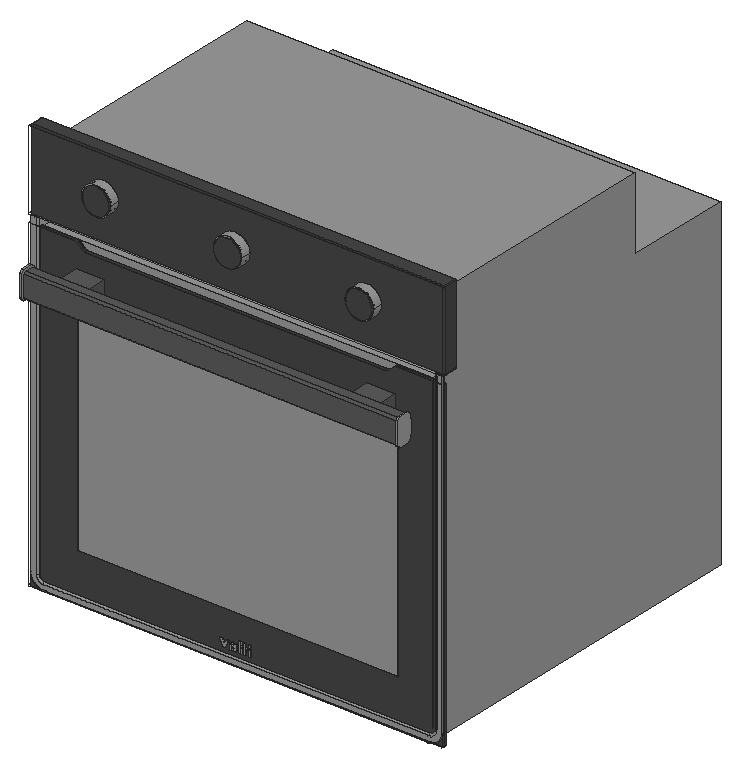
Revit family "56_E750104", category Equipos especializados, Revit 2021
Family settings
  Cota de conector redondo = Diámetro de uso
  Tipo de pieza = Normal
  Se basa en plano de trabajo = No
  Siempre vertical = Sí
  Corte con vacíos al cargar = No
  Compartido = No
  Punto de cálculo de habitación = No
Parameters (values of type "E750105")
  Volumen interior = "75 Litros"
  Voltage / Frecuencia = "220 V"
  Vidrio interior desmontable = "Sí"
  URL = "www.vatti.cl"
  Tirador de puerta = "Acero Inox"
  Timer = "con Autoapagado"
  Termostato con luz indicadora = "Sí"
  Temporizador = "Sí"
  Temperatura Máxima = "250° C"
  Tamaño del producto = "598 x 598 x 555"
  Tamaño del corte en superficie = "598 x 598"
  Sello puerta = "Perimetral 100%"
  Rieles para bandejas = "En cuerpo interior"
  Puerta Vidiro = Panel Vidrio
  Puerta Negro = Panel Negro
  Puerta Interior = Interior Negro
  Potencia = "2080 W"
  Peso = "28,5 Kg"
  Perilla Interior = Perilla Negro
  Perilla Exterior = Acero Inox
  Paneles = "Vidrio - Acero Inox"
  Panel Control Cubierta = Panel Vidrio
  Panel Control = Panel Negro
  Modo de Control = "Control mecanico"
  Modelo = "E750105"
  Fabricante = "Vatti"
  Luz Interior = "Sí"
  Instalación = "Empotrado"
  Grill = "Sí"
  Fondo = 55.5 cm
  Facilidad de Uso = "4 programas de cocción"
  Especificación Técnica = "Horno eléctrico empotrable, marca Vatti, modelo E750105"
  Elevación por defecto = 0 cm
  Descripción = "Horno eléctrico empotrable, marca Vatti, modelo E750105"
  Cuerpo Horno = Steel, Galvanized
  Creado por = "Unibim"
  Convección = "Natural"
  Contacto teléfono = "+562 2 2478105"
  Contacto e-mail = "cvender@vatti.cl"
  Color Logo = Logo
  Asa Tope = Tapa Asa
  Asa Puerta de Horno = Iron, Gray
  Aprobaciones = "CE/GS/CB/SAA"
  Ancho = 59.8 cm
  Alto = 59.8 cm
  Aislación = "Triple Capa"
Reference planes (cm)
  plane 1 "Center (Front/Back)": y = 0
  plane 2: z = 0
  plane 3 "Center (Left/Right)": x = 0
  plane 4: z = 47.0672
  plane 5: y = 27.75
  plane 6: x = -29.9
  plane 7: x = 29.9
  plane 8: y = -27.75
  plane 9: x = -28.85
  plane 10: x = 28.85
  plane 11: z = 1.05
  plane 12: z = 48.0672
  plane 13: x = -28
  plane 14: x = 28
  plane 15: z = 59.8
Forms (cm)
  Extrusion 1, solid, material "Panel Vidrio" <- "Panel Control Cubierta"
    sketch origin (-91.772, -27.75, 400) x (-1, 0, 0) y (0, 0, 1)
      loop
        line (-62.022, -340.3328) -> (-121.522, -340.3328)
        arc (-121.522, -340.3328) -> (-121.628, -340.3768) -> (-121.672, -340.4828) r 0.15
        line (-121.672, -340.4828) -> (-121.672, -351.7828)
        arc (-121.672, -351.7828) -> (-121.628, -351.8889) -> (-121.522, -351.9328) r 0.15
        line (-121.522, -351.9328) -> (-62.022, -351.9328)
        arc (-62.022, -351.9328) -> (-61.9159, -351.8889) -> (-61.872, -351.7828) r 0.15
        line (-61.872, -351.7828) -> (-61.872, -340.4828)
        arc (-61.872, -340.4828) -> (-61.9159, -340.3768) -> (-62.022, -340.3328) r 0.15
    from 0 to 0.5
  Extrusion 2, solid, material "Panel Vidrio" <- "Puerta Vidiro"
    sketch origin (-91.772, -27.75, 400) x (-1, 0, 0) y (0, 0, 1)
      loop
        arc (-121.522, -352.9328) -> (-121.628, -352.9768) -> (-121.672, -353.0828) r 0.15
        line (-121.672, -353.0828) -> (-121.672, -399.85)
        arc (-121.672, -399.85) -> (-121.628, -399.9561) -> (-121.522, -400) r 0.15
        line (-121.522, -400) -> (-62.022, -400)
        arc (-62.022, -400) -> (-61.9159, -399.9561) -> (-61.872, -399.85) r 0.15
        line (-61.872, -399.85) -> (-61.872, -353.0828)
        arc (-61.872, -353.0828) -> (-61.9159, -352.9768) -> (-62.022, -352.9328) r 0.15
        line (-62.022, -352.9328) -> (-68.482, -352.9328)
        arc (-68.482, -352.9328) -> (-68.7499, -352.9861) -> (-68.977, -353.1379) r 0.7
        line (-68.977, -353.1379) -> (-69.5669, -353.7278)
        arc (-69.5669, -353.7278) -> (-69.794, -353.8796) -> (-70.0619, -353.9328) r 0.7
        line (-70.0619, -353.9328) -> (-113.482, -353.9328)
        arc (-113.482, -353.9328) -> (-113.7499, -353.8796) -> (-113.977, -353.7278) r 0.7
        line (-113.977, -353.7278) -> (-114.5669, -353.1379)
        arc (-114.5669, -353.1379) -> (-114.794, -352.9861) -> (-115.0619, -352.9328) r 0.7
        line (-115.0619, -352.9328) -> (-121.522, -352.9328)
    from 0 to 0.4
  Extrusion 3, solid, material "Panel Negro" <- "Panel Control"
    sketch origin (-91.772, -27.25, 400) x (-1, 0, 0) y (0, 0, 1)
      loop
        line (-62.022, -340.3328) -> (-121.522, -340.3328)
        arc (-121.522, -340.3328) -> (-121.628, -340.3768) -> (-121.672, -340.4828) r 0.15
        line (-121.672, -340.4828) -> (-121.672, -351.7828)
        arc (-121.672, -351.7828) -> (-121.628, -351.8889) -> (-121.522, -351.9328) r 0.15
        line (-121.522, -351.9328) -> (-62.022, -351.9328)
        arc (-62.022, -351.9328) -> (-61.9159, -351.8889) -> (-61.872, -351.7828) r 0.15
        line (-61.872, -351.7828) -> (-61.872, -340.4828)
        arc (-61.872, -340.4828) -> (-61.9159, -340.3768) -> (-62.022, -340.3328) r 0.15
    from 0 to 1.8
  Extrusion 4, solid, material "Panel Negro" <- "Puerta Negro"
    sketch origin (-91.772, -27.35, 400) x (-1, 0, 0) y (0, 0, 1)
      loop
        line (-62.022, -352.9328) -> (-68.482, -352.9328)
        arc (-68.482, -352.9328) -> (-68.7499, -352.9861) -> (-68.977, -353.1379) r 0.7
        line (-68.977, -353.1379) -> (-69.5669, -353.7278)
        arc (-69.5669, -353.7278) -> (-69.794, -353.8796) -> (-70.0619, -353.9328) r 0.7
        line (-70.0619, -353.9328) -> (-113.482, -353.9328)
        arc (-113.482, -353.9328) -> (-113.7499, -353.8796) -> (-113.977, -353.7278) r 0.7
        line (-113.977, -353.7278) -> (-114.5669, -353.1379)
        arc (-114.5669, -353.1379) -> (-114.794, -352.9861) -> (-115.0619, -352.9328) r 0.7
        line (-115.0619, -352.9328) -> (-121.522, -352.9328)
        arc (-121.522, -352.9328) -> (-121.628, -352.9768) -> (-121.672, -353.0828) r 0.15
        line (-121.672, -353.0828) -> (-121.672, -399.85)
        arc (-121.672, -399.85) -> (-121.628, -399.9561) -> (-121.522, -400) r 0.15
        line (-121.522, -400) -> (-62.022, -400)
        arc (-62.022, -400) -> (-61.9159, -399.9561) -> (-61.872, -399.85) r 0.15
        line (-61.872, -399.85) -> (-61.872, -353.0828)
        arc (-61.872, -353.0828) -> (-61.9159, -352.9768) -> (-62.022, -352.9328) r 0.15
      loop
        line (-68.622, -360.9328) -> (-114.922, -360.9328) -> (-114.922, -393.25) -> (-68.622, -393.25) -> (-68.622, -360.9328)
    from 0 to 0.1
  Extrusion 5, solid, material "Interior Negro" <- "Puerta Interior"
    sketch origin (-91.772, -27.25, 400) x (-1, 0, 0) y (0, 0, 1)
      loop
        line (-68.622, -360.9328) -> (-114.922, -360.9328) -> (-114.922, -393.25) -> (-68.622, -393.25) -> (-68.622, -360.9328)
      loop
        line (-63.6864, -352.9328) -> (-119.8575, -352.9328) -> (-119.8575, -398.1)
        arc (-119.8575, -398.1) -> (-119.7885, -398.2666) -> (-119.622, -398.3356) r 0.2356
        line (-119.622, -398.3356) -> (-63.922, -398.3356)
        arc (-63.922, -398.3356) -> (-63.7554, -398.2666) -> (-63.6864, -398.1) r 0.2356
        line (-63.6864, -398.1) -> (-63.6864, -352.9328)
    from 0 to 2.04
  Extrusion 6, solid, material "Acero Inox" <- "Perilla Exterior"
    sketch origin (-91.772, -27.75, 400) x (1, 0, 0) y (0, 0, 1)
      loop
        circle (91.772, -345.7028) r 2.07
      loop
        circle (91.772, -345.7028) r 1.94
      loop
        circle (110.772, -345.7028) r 2.07
      loop
        circle (110.772, -345.7028) r 1.94
      loop
        circle (72.772, -345.7028) r 2.07
      loop
        circle (72.772, -345.7028) r 1.94
    from 0.1 to 1.4
  Extrusion 7, solid, material "Perilla Negro" <- "Perilla Interior"
    sketch origin (-91.772, -27.75, 400) x (1, 0, 0) y (0, 0, 1)
      loop
        circle (91.772, -345.7028) r 1.94
      loop
        circle (110.772, -345.7028) r 1.94
      loop
        circle (72.772, -345.7028) r 1.94
    from 0 to 1.5
  Extrusion 8, void
    sketch origin (-29.75, -25.75, 0) x (-1, 0, 0) y (0, 0, 1)
      loop
        line (-6.6, 47.0672) -> (-6.6, 48.0672) -> (-13.8, 48.0672) -> (-13.8, 47.0672) -> (-6.6, 47.0672)
      loop
        line (-50.6, 47.0672) -> (-45.4, 47.0672) -> (-45.4, 48.0672) -> (-50.6, 48.0672) -> (-50.6, 47.0672)
      loop
        line (-29.65, 47.0672) -> (-29.65, 48.0672) -> (-34.8, 48.0672) -> (-34.8, 47.0672) -> (-29.65, 47.0672)
      loop
        line (-29.55, 48.0672) -> (-29.55, 47.0672) -> (-24.4, 47.0672) -> (-24.4, 48.0672) -> (-29.55, 48.0672)
      loop
        line (-24.3, 48.0672) -> (-24.3, 47.0672) -> (-19.15, 47.0672) -> (-19.15, 48.0672) -> (-24.3, 48.0672)
      loop
        line (-19.05, 48.0672) -> (-19.05, 47.0672) -> (-13.9, 47.0672) -> (-13.9, 48.0672) -> (-19.05, 48.0672)
      loop
        line (-34.9, 47.0672) -> (-34.9, 48.0672) -> (-40.05, 48.0672) -> (-40.05, 47.0672) -> (-34.9, 47.0672)
      loop
        line (-40.15, 47.0672) -> (-40.15, 48.0672) -> (-45.3, 48.0672) -> (-45.3, 47.0672) -> (-40.15, 47.0672)
    from 0 to 1.5
  Extrusion 9, solid, material "Steel, Galvanized" <- "Cuerpo Horno"
    sketch origin (-28.85, -153.4, 86.4408) x (0, 0, 1) y (0, -1, 0)
      loop
        line (-39.4408, -178.2) -> (-39.4408, -162.75) -> (-28.8408, -162.75) -> (-28.8408, -127.85) -> (-86.4408, -127.85) -> (-86.4408, -178.2) -> (-39.4408, -178.2)
    from 0.85 to 56.85
  Extrusion 10, solid, material "Panel Interior"
    sketch origin (-91.772, -25.21, 400) x (-1, 0, 0) y (0, 0, 1)
      loop
        line (-68.622, -360.9328) -> (-114.922, -360.9328) -> (-114.922, -393.25) -> (-68.622, -393.25) -> (-68.622, -360.9328)
    from 0 to -2.12
  Sweep 11, solid, material "Interior Negro"
    path origin (-91.772, -25.75, 400) x (-1, 0, 0) y (0, 0, 1)
      loop
        line (-119.772, -351.9328) -> (-119.772, -398.1)
        arc (-119.772, -398.1) -> (-119.728, -398.2061) -> (-119.622, -398.25) r 0.15
        line (-119.622, -398.25) -> (-63.922, -398.25)
        arc (-63.922, -398.25) -> (-63.8159, -398.2061) -> (-63.772, -398.1) r 0.15
        line (-63.772, -398.1) -> (-63.772, -351.9328)
    profile origin (-28, -25.75, 24.9836) x (1, 0, 0) y (0, 1, 0)
      loop
        line (0, 0) -> (-0.0856, 0) -> (-0.7013, -1.6222)
        arc (-0.7013, -1.6222) -> (-0.7821, -1.7252) -> (-0.907, -1.7642) r 0.22
        line (-0.907, -1.7642) -> (-1.71, -1.7642)
        arc (-1.71, -1.7642) -> (-1.75, -1.8042) -> (-1.71, -1.8442) r 0.04
        line (-1.71, -1.8442) -> (-0.907, -1.8442)
        arc (-0.907, -1.8442) -> (-0.7366, -1.7911) -> (-0.6265, -1.6506) r 0.3
        line (-0.6265, -1.6506) -> (0, 0)
  Extrusion 12, solid, material "Iron, Gray" <- "Asa Puerta de Horno"
    sketch origin (0, 0, 0) x (0, 1, 0) y (0, 0, 1)
      loop
        line (-32.1, 43.7172) -> (-32.35, 43.4672) -> (-32.35, 40.3672) -> (-32.1, 40.1172) -> (-30.8, 40.1172) -> (-30.55, 40.3672)
        arc (-30.55, 40.3672) -> (-30.3563, 41.9172) -> (-30.55, 43.4672) r 6.3
        line (-30.55, 43.4672) -> (-30.8, 43.7172) -> (-32.1, 43.7172)
    from -27 to 27
  Extrusion 13, solid, material "Iron, Gray" <- "Asa Puerta de Horno"
    sketch origin (-91.772, -27.75, 400) x (-1, 0, 0) y (0, 0, 1)
      loop
        line (-68.772, -356.5328) -> (-72.772, -356.5328) -> (-72.772, -359.6328) -> (-68.772, -359.6328) -> (-68.772, -356.5328)
      loop
        line (-114.772, -356.5328) -> (-114.772, -359.6328) -> (-110.772, -359.6328) -> (-110.772, -356.5328) -> (-114.772, -356.5328)
    from 0 to -3.1064
  Blend 14, solid, material "Steel, Galvanized" <- "Cuerpo Horno"
    base sketch origin (-28.85, 24.8, 0) x (0, 0, 1) y (1, 0, 0)
      loop
        line (44, 8.85) -> (44, 48.85)
        arc (44, 48.85) -> (42.5355, 52.3855) -> (39, 53.85) r 5
        line (39, 53.85) -> (8, 53.85)
        arc (8, 53.85) -> (4.4645, 52.3855) -> (3, 48.85) r 5
        line (3, 48.85) -> (3, 8.85)
        arc (3, 8.85) -> (4.4645, 5.3145) -> (8, 3.85) r 5
        line (8, 3.85) -> (39, 3.85)
        arc (39, 3.85) -> (42.5355, 5.3145) -> (44, 8.85) r 5
    top sketch origin (-28.85, 24.8, 0) x (0, 0, 1) y (1, 0, 0)
      loop
        line (41, 8.85) -> (41, 48.85)
        arc (41, 48.85) -> (40.4142, 50.2642) -> (39, 50.85) r 2
        line (39, 50.85) -> (8, 50.85)
        arc (8, 50.85) -> (6.5858, 50.2642) -> (6, 48.85) r 2
        line (6, 48.85) -> (6, 8.85)
        arc (6, 8.85) -> (6.5858, 7.4358) -> (8, 6.85) r 2
        line (8, 6.85) -> (39, 6.85)
        arc (39, 6.85) -> (40.4142, 7.4358) -> (41, 8.85) r 2
    from 0 to 2.95
  Extrusion 15, solid, material "Panel Negro" <- "Panel Control"
    sketch origin (-28.85, 9.35, 47) x (0, 0, 1) y (1, 0, 0)
      loop
        line (8.1, 41.85) -> (8.1, 50.85) -> (2.5, 50.85) -> (2.5, 41.85) -> (8.1, 41.85)
    from 0 to 3
  Extrusion 16, solid, material "Tapa Asa" <- "Asa Tope"
    sketch origin (-27, 0, 0) x (0, -1, 0) y (0, 0, 1)
      loop
        line (30.7172, 43.9172) -> (30.37, 43.57)
        arc (30.37, 43.57) -> (30.1563, 41.9172) -> (30.37, 40.2643) r 6.5
        line (30.37, 40.2643) -> (30.7172, 39.9172) -> (32.1828, 39.9172) -> (32.55, 40.2843) -> (32.55, 43.55) -> (32.1828, 43.9172) -> (30.7172, 43.9172)
    from 0 to 0.3
  Extrusion 17, solid, material "Tapa Asa" <- "Asa Tope"
    sketch origin (27, 0, 0) x (0, -1, 0) y (0, 0, -1)
      loop
        line (30.7172, -43.9172) -> (32.1828, -43.9172) -> (32.55, -43.55) -> (32.55, -40.2843) -> (32.1828, -39.9172) -> (30.7172, -39.9172) -> (30.37, -40.2643)
        arc (30.37, -40.2643) -> (30.1563, -41.9172) -> (30.37, -43.57) r 6.5
        line (30.37, -43.57) -> (30.7172, -43.9172)
    from 0 to 0.3
Cuts and joins
  Extrusion 8 cuts Extrusion 9
  joined: Extrusion 9, Blend 14
  joined: Extrusion 12, Extrusion 13
Dimensions and locks (cm)
  equal spacing: plane 6, plane 3 "Center (Left/Right)", plane 7
  equal spacing: plane 5, plane 1 "Center (Front/Back)", plane 8
  "Fondo": plane 5 to plane 8
  "Ancho": plane 6 to plane 7
  plane 9 to plane 6 = 1.05 cm
  plane 7 to plane 10 = 1.05 cm
  plane 11 to level = 1.05 cm
  plane 4 to level = 47.0672 cm
  plane 12 to plane 4 = 1 cm
  "Alto": plane 15 to level
  aligned and locked: level to plane 2
  aligned and locked: plane 4 to Extrusion 2
Automatic sketch dimensions
  Extrusion 1 sketch curve to plane 7 = 0 cm
  Extrusion 1 sketch curve to plane 12 = 0 cm
  Extrusion 1 sketch curve to plane 6 = 0 cm
  Extrusion 1 sketch curve to Extrusion 1 sketch curve = 0.15 cm  (x2)
  plane 6 to Extrusion 1 sketch curve = 0.15 cm  (x2)
  Extrusion 1 sketch curve to plane 15 = 0.2828 cm
  Extrusion 2 sketch curve to plane 7 = 0 cm
  Extrusion 2 sketch curve to plane 4 = 0 cm  (x2)
  Extrusion 2 sketch curve to level = 0 cm
  Extrusion 2 sketch curve to plane 6 = 0 cm
  Extrusion 2 sketch curve to plane 7 = 0.15 cm
  level to Extrusion 2 sketch curve = 0.15 cm
  plane 14 to Extrusion 2 sketch curve = 4.7101 cm
  Extrusion 2 sketch curve to plane 4 = 0.205 cm  (x2)
  Extrusion 2 sketch curve to Extrusion 2 sketch curve = 0.495 cm  (x3)
  Extrusion 2 sketch curve to plane 4 = 0.795 cm  (x2)
  Extrusion 2 sketch curve to Extrusion 2 sketch curve = 0.5899 cm  (x2)
  Extrusion 2 sketch curve to plane 4 = 0.3 cm  (x2)
  Extrusion 2 sketch curve to plane 13 = 6.2899 cm
  plane 6 to Extrusion 2 sketch curve = 0.15 cm
  Extrusion 2 sketch curve to Extrusion 2 sketch curve = 0.15 cm
  Extrusion 3 sketch curve to Extrusion 1 = 0.15 cm  (x2)
  Extrusion 2 to Extrusion 4 sketch curve = 0 cm
  Extrusion 4 sketch curve to Extrusion 2 = 0 cm
  Extrusion 4 sketch curve to Extrusion 4 sketch curve = 0.15 cm
  Extrusion 2 to Extrusion 4 sketch curve = 0.3 cm
  Extrusion 4 sketch curve to Extrusion 2 = 6.75 cm  (x3)
  Extrusion 4 sketch curve to Extrusion 2 = 0.205 cm  (x2)
  Extrusion 2 to Extrusion 4 sketch curve = 0.205 cm  (x2)
  Extrusion 4 sketch curve to Extrusion 2 = 0.3 cm
  Extrusion 4 sketch curve to Extrusion 2 = 0.15 cm
  Extrusion 4 sketch curve to Extrusion 2 = 7 cm
  Extrusion 5 sketch curve to Extrusion 4 = 0 cm  (x5)
  Extrusion 5 sketch curve to Extrusion 4 = 2.05 cm  (x2)
  Extrusion 5 sketch curve to Extrusion 4 = 1.8144 cm
  Extrusion 5 sketch curve to Extrusion 5 sketch curve = 0.2356 cm
  Extrusion 5 sketch curve to Extrusion 4 = 1.9 cm
  Extrusion 6 sketch curve to Extrusion 6 sketch curve = 0 cm  (x6)
  Extrusion 6 sketch curve to Extrusion 1 = 5.37 cm  (x3)
  Extrusion 6 sketch curve to Extrusion 1 = 10.9 cm  (x2)
  Extrusion 6 sketch curve to Extrusion 6 sketch curve = 19 cm
  Extrusion 7 sketch curve to Extrusion 7 sketch curve = 0 cm  (x6)
  Extrusion 7 sketch curve to Extrusion 1 = 5.37 cm  (x3)
  Extrusion 7 sketch curve to Extrusion 1 = 10.9 cm  (x2)
  Extrusion 7 sketch curve to Extrusion 7 sketch curve = 19 cm
  Extrusion 7 sketch curve to Extrusion 7 sketch curve = 1.94 cm  (x3)
  Extrusion 8 sketch curve to plane 4 = 0 cm  (x8)
  Extrusion 8 sketch curve to plane 12 = 0 cm  (x8)
  plane 14 to Extrusion 8 sketch curve = 7.15 cm
  Extrusion 8 sketch curve to Extrusion 8 sketch curve = 5.2 cm
  Extrusion 8 sketch curve to Extrusion 8 sketch curve = 0.1 cm  (x7)
  Extrusion 8 sketch curve to Extrusion 8 sketch curve = 5.15 cm  (x5)
  Extrusion 8 sketch curve to plane 3 "Center (Left/Right)" = 0.1 cm
  Extrusion 8 sketch curve to plane 13 = 4.85 cm
  Extrusion 9 sketch curve to level = 0 cm
  Extrusion 9 sketch curve to plane 4 = 0.0672 cm
  Extrusion 9 sketch curve to plane 15 = 2.2 cm
  Extrusion 9 sketch curve to plane 5 = 2.95 cm
  Extrusion 9 sketch curve to plane 1 "Center (Front/Back)" = 9.35 cm
  plane 8 to Extrusion 9 sketch curve = 2.2 cm
  Extrusion 10 sketch curve to Extrusion 5 = 0 cm  (x4)
  plane 14 to Sweep 11 sketch curve = 0 cm
  Sweep 11 sketch curve to plane 12 = 0 cm  (x2)
  plane 13 to Sweep 11 sketch curve = 0 cm
  plane 14 to Sweep 11 sketch curve = 0.15 cm
  Sweep 11 sketch curve to Sweep 11 sketch curve = 0.15 cm
  plane 11 to Sweep 11 sketch curve = 0.85 cm
  Sweep 11 sketch curve to Sweep 11 sketch curve = 0 cm  (x2)
  Sweep 11 sketch curve to profile plane = 0 cm  (x2)
  Sweep 11 sketch curve to Sweep 11 sketch curve = 0.0856 cm
  profile plane to Sweep 11 sketch curve = 0.6265 cm
  Sweep 11 sketch curve to Sweep 11 sketch curve = 0.0748 cm
  Sweep 11 sketch curve to Sweep 11 sketch curve = 0.2057 cm
  Sweep 11 sketch curve to Sweep 11 sketch curve = 0.803 cm
  Sweep 11 sketch curve to profile plane = 1.5442 cm
  Sweep 11 sketch curve to Sweep 11 sketch curve = 0.0781 cm
  Sweep 11 sketch curve to Sweep 11 sketch curve = 0.0284 cm
  Extrusion 12 sketch curve to plane 8 = 8.9063 cm
  Extrusion 12 sketch curve to Extrusion 12 sketch curve = 4.3063 cm
  Extrusion 12 sketch curve to Extrusion 12 sketch curve = 0.25 cm  (x7)
  Extrusion 12 sketch curve to Extrusion 12 sketch curve = 1.3 cm  (x2)
  Extrusion 12 sketch curve to plane 4 = 6.95 cm
  Extrusion 12 sketch curve to Extrusion 12 sketch curve = 1.55 cm
  Extrusion 12 sketch curve to Extrusion 12 sketch curve = 0 cm
  plane 14 to Extrusion 13 sketch curve = 5 cm
  Extrusion 13 sketch curve to Extrusion 13 sketch curve = 4 cm  (x2)
  Extrusion 13 sketch curve to plane 4 = 3.6 cm  (x2)
  Extrusion 13 sketch curve to plane 13 = 9 cm
  Extrusion 13 sketch curve to Extrusion 13 sketch curve = 3.1 cm  (x2)
  Blend 14 sketch curve to Extrusion 9 = 3 cm
  Extrusion 9 to Blend 14 sketch curve = 3 cm  (x3)
  Blend 14 sketch curve to Blend 14 sketch curve = 5 cm  (x2)
  Extrusion 9 to Blend 14 sketch curve = 8 cm  (x5)
  Blend 14 sketch curve to Extrusion 9 = 6 cm
  Blend 14 sketch curve to Blend 14 sketch curve = 2 cm  (x3)
  Extrusion 9 to Blend 14 sketch curve = 6 cm
  Extrusion 9 to Extrusion 15 sketch curve = 2.5 cm  (x2)
  Extrusion 9 to Extrusion 15 sketch curve = 15 cm
  Extrusion 9 to Extrusion 15 sketch curve = 6 cm
  Extrusion 12 to Extrusion 16 sketch curve = 0.2 cm  (x3)
  Extrusion 16 sketch curve to Extrusion 12 = 0.1672 cm  (x4)
  Extrusion 16 sketch curve to Extrusion 16 sketch curve = 1.4657 cm  (x2)
  Extrusion 16 sketch curve to Extrusion 12 = 0.1471 cm  (x2)
  Extrusion 17 sketch curve to plane 8 = 2.62 cm  (x2)
  Extrusion 17 sketch curve to Extrusion 17 sketch curve = 0.3471 cm  (x4)
  Extrusion 17 sketch curve to Extrusion 17 sketch curve = 1.4657 cm  (x2)
  Extrusion 17 sketch curve to Extrusion 17 sketch curve = 0.3672 cm  (x2)
  Extrusion 17 sketch curve to Extrusion 17 sketch curve = 4.1063 cm
  Extrusion 17 sketch curve to plane 4 = 3.15 cm
  Extrusion 17 sketch curve to Extrusion 17 sketch curve = 1.6328 cm
  Extrusion 17 sketch curve to Extrusion 17 sketch curve = 0.02 cm
  radius of Extrusion 3 sketch curve to Extrusion 1 = 0 cm  (x2)
  radius of Extrusion 4 sketch curve to Extrusion 2 = 0 cm  (x4)
  radius of Extrusion 6 sketch curve = 2.07 cm  (x3)
  radius of Extrusion 6 sketch curve = 1.94 cm  (x3)
  radius of Extrusion 12 to Extrusion 16 sketch curve = 0.2 cm
Nested families (cm)
  nested 1: "Logo Plano" at (0, -27.75, 2.9579) x (1, 0, 0) z (0, -1, 0), type "Logo Plano"
Connectors (cm)
  electrical at (17.5, 12.35, 52.3)
    settings: on Extrusion 15, index 1, voltage 220 V, apparent load 0 VA, apparent load phase1 0 VA, apparent load phase2 0 VA, apparent load phase3 0 VA, power factor 1, load classification "Other", number of poles 1, system type 31, power factor state 1, is connector primary yes, connector utility no, sub classification motor no, connector description ""
Definition of nested family "Logo Plano"
  Parameters (values of type "Logo Plano")
    Default Elevation = 121.92 cm
    Color Logo = none
  Reference planes (cm)
    plane 1 "Center (Front/Back)": y = 0
    plane 2: z = 0
    plane 3 "Center (Left/Right)": x = 0
  Forms (cm)
    Extrusion 1, solid
      sketch origin (0, 0, 0) x (1, 0, 0) y (0, 1, 0)
        loop
          line (-121.92, 121.92) -> (-121.92, -121.92) -> (121.92, -121.92) -> (121.92, 121.92) -> (-121.92, 121.92)
      from 0 to -30.48
    Extrusion 2, solid, material <- "Color Logo"
      sketch origin (0, 0, 0) x (1, 0, 0) y (0, 1, 0)
        loop
          line (1.8947, 0.6129) -> (1.8947, 0.3229) -> (2.2247, 0.3229) -> (2.2247, 0.6129) -> (1.8947, 0.6129)
        loop
          line (1.8947, -0.873) -> (2.2247, -0.873) -> (2.2247, 0.1687) -> (1.8947, 0.1687) -> (1.8947, -0.873)
        loop
          line (1.2047, 0.6129) -> (1.2047, -0.773)
          arc (1.2047, -0.773) -> (1.2339, -0.8437) -> (1.3047, -0.873) r 0.1
          line (1.3047, -0.873) -> (1.5347, -0.873) -> (1.5347, -0.1313) -> (1.7247, -0.1313) -> (1.7247, 0.1687) -> (1.5347, 0.1687) -> (1.5347, 0.6129) -> (1.2047, 0.6129)
        loop
          line (0.4944, 0.6129) -> (0.4944, -0.773)
          arc (0.4944, -0.773) -> (0.5236, -0.8437) -> (0.5944, -0.873) r 0.1
          line (0.5944, -0.873) -> (0.8244, -0.873) -> (0.8244, -0.1313) -> (1.0144, -0.1313) -> (1.0144, 0.1687) -> (0.8244, 0.1687) -> (0.8244, 0.6129) -> (0.4944, 0.6129)
        loop
          line (0.0962, 0.1687) -> (-0.6704, 0.1687) -> (-0.7785, -0.063) -> (-0.1838, -0.063)
          arc (-0.1838, -0.063) -> (-0.1484, -0.0777) -> (-0.1338, -0.113) r 0.05
          line (-0.1338, -0.113) -> (-0.1338, -0.233) -> (-0.7438, -0.233)
          arc (-0.7438, -0.233) -> (-0.8145, -0.2623) -> (-0.8438, -0.333) r 0.1
          line (-0.8438, -0.333) -> (-0.8438, -0.773)
          arc (-0.8438, -0.773) -> (-0.8145, -0.8437) -> (-0.7438, -0.873) r 0.1
          line (-0.7438, -0.873) -> (0.0962, -0.873)
          arc (0.0962, -0.873) -> (0.1669, -0.8437) -> (0.1962, -0.773) r 0.1
          line (0.1962, -0.773) -> (0.1962, 0.0687)
          arc (0.1962, 0.0687) -> (0.1669, 0.1394) -> (0.0962, 0.1687) r 0.1
        loop
          line (-0.1838, -0.468) -> (-0.4538, -0.468)
          arc (-0.4538, -0.468) -> (-0.4891, -0.4827) -> (-0.5038, -0.518) r 0.05
          line (-0.5038, -0.518) -> (-0.5038, -0.598)
          arc (-0.5038, -0.598) -> (-0.4891, -0.6334) -> (-0.4538, -0.648) r 0.05
          line (-0.4538, -0.648) -> (-0.1838, -0.648)
          arc (-0.1838, -0.648) -> (-0.1484, -0.6334) -> (-0.1338, -0.598) r 0.05
          line (-0.1338, -0.598) -> (-0.1338, -0.518)
          arc (-0.1338, -0.518) -> (-0.1484, -0.4827) -> (-0.1838, -0.468) r 0.05
        loop
          line (-1.8848, 0.1687) -> (-2.2224, 0.1687) -> (-1.7934, -0.7357)
          arc (-1.7934, -0.7357) -> (-1.5765, -0.8728) -> (-1.3597, -0.7357) r 0.24
          line (-1.3597, -0.7357) -> (-0.9307, 0.1687) -> (-1.2682, 0.1687) -> (-1.5765, -0.4812) -> (-1.8848, 0.1687)
      from 0 to 0.1
    Extrusion 3, void
      sketch origin (0, 0, 0) x (1, 0, 0) y (0, 1, 0)
        loop
          line (-2.5564, 1.2198) -> (-2.5564, -1.2802) -> (2.6825, -1.2802) -> (2.6825, 1.2198) -> (-2.5564, 1.2198)
      from 0.02 to 0.1
  Cuts and joins
    Extrusion 3 cuts Extrusion 2
  Dimensions and locks (cm)
    aligned and locked: plane 2 to Extrusion 1
    aligned and locked: level to Extrusion 1
